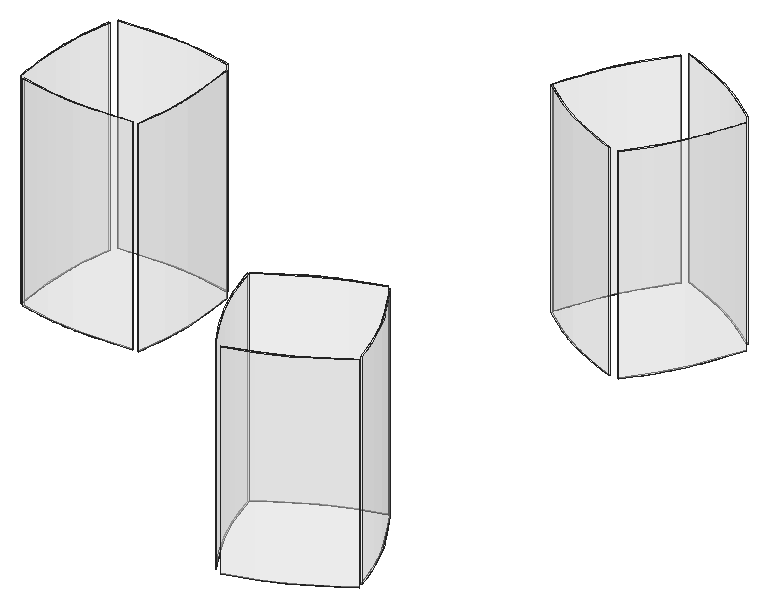
Revit family "SH-1723", category Lighting Fixtures, host Face, Revit 2017
Family settings
  Host = Face
  Round Connector Dimension = Use Diameter
  Part Type = Normal
  Cut with Voids When Loaded = No
  Light Source = No
  Shared = No
  Room Calculation Point = No
Parameters (values of type "SH-1723(Black color-3000K-E27)")
  website = "www.shoaco.com"
  instalation = "Surface mounted"
  consumption current = 0.18 A
  color temperature = "3000K"
  color rendering index(CRI) = ""
  Wattage. = 27 W
  Voltage/Frequency = "230v/50hz"
  URL = "https://www.shoaco.com/fa/product/%DA%86%D8%B1%D8%A7%D8%BA-%D9%87%D8%A7%DB%8C-%D8%AD%DB%8C%D8%A7%D8%B7%DB%8C/1125-%DA%86%D8%B1%D8%A7%D8%BA-%D8%AD%DB%8C%D8%A7%D8%B7%DB%8C-%D9%85%D8%AF%D9%84-SH-1723.html"
  Type medule = ""
  Protection Class = "Class I"
  Number of Lamps = "3"
  Model = "SH-1723"
  Manufacturer = "SHOA"
  Lamp = "E27"
  IP = "IPX3"
  Height = 280.5 cm
  Flicker = ""
  Diffuser Material = "Acrylic"
  Diffuser [instance] = Diffuser
  Default Elevation = 121.92 cm
  Body color = Black Body
  Body Material = "Aluminum"
Reference planes (cm)
  plane 1 "Center (Front/Back)": y = 0
  plane 2: z = 0
  plane 3 "Center (Left/Right)": x = 0
  plane 4: z = 0
  plane 5: z = 280.5
Dimensions and locks (cm)
  "Height": plane 5 to host face
  aligned and locked: plane 2 to host face
  aligned and locked: level to host face
Automatic sketch dimensions
  host sketch curve to host sketch curve = 243.84 cm  (x2)
Nested families (cm)
  nested 1: "1723" at (0.1121, 0.9763, 0), Body color <- "Body color", Diffuser <- "Diffuser", type "1723"
    with Diffuser Diffuser, Body color Black Body
  nested 2: "E27" at (13.3252, -22.5379, 116.4933), type "E27"
  nested 3: "E27" at (9.6723, 23.3863, 116.4933), type "E27"
  nested 4: "E27" at (-25.4348, 1.0809, 116.4933), type "E27"
Connectors (cm)
  electrical at (0.1121, 0.9763, 257)
    settings: on nested 1, index 1, voltage 230 V, apparent load 0 VA, apparent load phase1 0 VA, apparent load phase2 0 VA, apparent load phase3 0 VA, power factor 1, load classification "Other", number of poles 1, system type 31, power factor state 1, is connector primary yes, connector utility no, sub classification motor no, connector description ""
Definition of nested family "1723"
  Parameters (values of type "Family2")
    Diffuser [instance] = none
    Body color [instance] = none
  Reference planes (cm)
    plane 1 "Center (Front/Back)": y = 0
    plane 2: z = 0
    plane 3 "Center (Left/Right)": x = 0
  Forms (cm)
    Extrusion 1, solid, material <- "Diffuser"
      sketch origin (-0.0448, 0, 199.9388) x (1, 0, 0) y (0, 1, 0)
        loop
          line (-30.0396, 6.1202) -> (-30.0256, 6.0067)
          spline (-30.0256, 6.0067) -> (-29.0329, 6.1271) -> (-28.1226, 6.2284) -> (-27.183, 6.3159) -> (-26.2146, 6.387) -> (-25.3114, 6.433) -> (-24.5529, 6.4474) -> (-23.9147, 6.4383) -> (-23.3344, 6.4191) -> (-22.7361, 6.3917) -> (-22.0162, 6.3346) -> (-20.9302, 6.2016) -> (-18.9646, 5.9048)
          line (-18.9646, 5.9048) -> (-18.9646, 6.0565)
          spline (-18.9646, 6.0565) -> (-19.8757, 6.2112) -> (-20.8415, 6.3404) -> (-21.7423, 6.4421) -> (-22.4796, 6.515) -> (-23.0833, 6.5621) -> (-23.6317, 6.5876) -> (-24.2029, 6.5962) -> (-24.8749, 6.5917) -> (-25.7226, 6.5645) -> (-26.818, 6.4922) -> (-28.2331, 6.3518) -> (-30.0396, 6.1202)
      from 36.9072 to 57.5072
    Extrusion 2, solid, material <- "Diffuser"
      sketch origin (-24.4775, -24.8864, 199.9388) x (0, -1, 0) y (1, 0, 0)
        loop
          line (-30.0396, 6.1202) -> (-30.0256, 6.0067)
          spline (-30.0256, 6.0067) -> (-29.0329, 6.1271) -> (-28.1226, 6.2284) -> (-27.183, 6.3159) -> (-26.2146, 6.387) -> (-25.3114, 6.433) -> (-24.5529, 6.4474) -> (-23.9147, 6.4383) -> (-23.3344, 6.4191) -> (-22.7361, 6.3917) -> (-22.0162, 6.3346) -> (-20.9302, 6.2016) -> (-18.9646, 5.9048)
          line (-18.9646, 5.9048) -> (-18.9646, 6.0565)
          spline (-18.9646, 6.0565) -> (-19.8757, 6.2112) -> (-20.8415, 6.3404) -> (-21.7423, 6.4421) -> (-22.4796, 6.515) -> (-23.0833, 6.5621) -> (-23.6317, 6.5876) -> (-24.2029, 6.5962) -> (-24.8749, 6.5917) -> (-25.7226, 6.5645) -> (-26.818, 6.4922) -> (-28.2331, 6.3518) -> (-30.0396, 6.1202)
      from 36.9072 to 57.5072
    Extrusion 3, solid, material <- "Diffuser"
      sketch origin (-24.4423, 24.3355, 199.9388) x (0, 1, 0) y (-1, 0, 0)
        loop
          line (-30.0396, 6.1202) -> (-30.0256, 6.0067)
          spline (-30.0256, 6.0067) -> (-29.0329, 6.1271) -> (-28.1226, 6.2284) -> (-27.183, 6.3159) -> (-26.2146, 6.387) -> (-25.3114, 6.433) -> (-24.5529, 6.4474) -> (-23.9147, 6.4383) -> (-23.3344, 6.4191) -> (-22.7361, 6.3917) -> (-22.0162, 6.3346) -> (-20.9302, 6.2016) -> (-18.9646, 5.9048)
          line (-18.9646, 5.9048) -> (-18.9646, 6.0565)
          spline (-18.9646, 6.0565) -> (-19.8757, 6.2112) -> (-20.8415, 6.3404) -> (-21.7423, 6.4421) -> (-22.4796, 6.515) -> (-23.0833, 6.5621) -> (-23.6317, 6.5876) -> (-24.2029, 6.5962) -> (-24.8749, 6.5917) -> (-25.7226, 6.5645) -> (-26.818, 6.4922) -> (-28.2331, 6.3518) -> (-30.0396, 6.1202)
      from 36.9072 to 57.5072
    Extrusion 4, solid, material <- "Diffuser"
      sketch origin (-49.0658, 0.1316, 199.9388) x (-1, 0, 0) y (0, -1, 0)
        loop
          line (-30.0396, 6.1202) -> (-30.0256, 6.0067)
          spline (-30.0256, 6.0067) -> (-29.0329, 6.1271) -> (-28.1226, 6.2284) -> (-27.183, 6.3159) -> (-26.2146, 6.387) -> (-25.3114, 6.433) -> (-24.5529, 6.4474) -> (-23.9147, 6.4383) -> (-23.3344, 6.4191) -> (-22.7361, 6.3917) -> (-22.0162, 6.3346) -> (-20.9302, 6.2016) -> (-18.9646, 5.9048)
          line (-18.9646, 5.9048) -> (-18.9646, 6.0565)
          spline (-18.9646, 6.0565) -> (-19.8757, 6.2112) -> (-20.8415, 6.3404) -> (-21.7423, 6.4421) -> (-22.4796, 6.515) -> (-23.0833, 6.5621) -> (-23.6317, 6.5876) -> (-24.2029, 6.5962) -> (-24.8749, 6.5917) -> (-25.7226, 6.5645) -> (-26.818, 6.4922) -> (-28.2331, 6.3518) -> (-30.0396, 6.1202)
      from 36.9072 to 57.5072
    Extrusion 5, solid, material <- "Diffuser"
      sketch origin (32.4843, 11.0583, 199.9388) x (0.894133, -0.447802, 0) y (0.447802, 0.894133, 0)
        loop
          line (-30.0396, 6.1202) -> (-30.0256, 6.0067)
          spline (-30.0256, 6.0067) -> (-29.0329, 6.1271) -> (-28.1226, 6.2284) -> (-27.183, 6.3159) -> (-26.2146, 6.387) -> (-25.3114, 6.433) -> (-24.5529, 6.4474) -> (-23.9147, 6.4383) -> (-23.3344, 6.4191) -> (-22.7361, 6.3917) -> (-22.0162, 6.3346) -> (-20.9302, 6.2016) -> (-18.9646, 5.9048)
          line (-18.9646, 5.9048) -> (-18.9646, 6.0565)
          spline (-18.9646, 6.0565) -> (-19.8757, 6.2112) -> (-20.8415, 6.3404) -> (-21.7423, 6.4421) -> (-22.4796, 6.515) -> (-23.0833, 6.5621) -> (-23.6317, 6.5876) -> (-24.2029, 6.5962) -> (-24.8749, 6.5917) -> (-25.7226, 6.5645) -> (-26.818, 6.4922) -> (-28.2331, 6.3518) -> (-30.0396, 6.1202)
      from 36.9072 to 57.5072
    Extrusion 6, solid, material <- "Diffuser"
      sketch origin (-0.0953, -0.0349, 199.9388) x (-0.447802, -0.894133, 0) y (0.894133, -0.447802, 0)
        loop
          line (-30.0396, 6.1202) -> (-30.0256, 6.0067)
          spline (-30.0256, 6.0067) -> (-29.0329, 6.1271) -> (-28.1226, 6.2284) -> (-27.183, 6.3159) -> (-26.2146, 6.387) -> (-25.3114, 6.433) -> (-24.5529, 6.4474) -> (-23.9147, 6.4383) -> (-23.3344, 6.4191) -> (-22.7361, 6.3917) -> (-22.0162, 6.3346) -> (-20.9302, 6.2016) -> (-18.9646, 5.9048)
          line (-18.9646, 5.9048) -> (-18.9646, 6.0565)
          spline (-18.9646, 6.0565) -> (-19.8757, 6.2112) -> (-20.8415, 6.3404) -> (-21.7423, 6.4421) -> (-22.4796, 6.515) -> (-23.0833, 6.5621) -> (-23.6317, 6.5876) -> (-24.2029, 6.5962) -> (-24.8749, 6.5917) -> (-25.7226, 6.5645) -> (-26.818, 6.4922) -> (-28.2331, 6.3518) -> (-30.0396, 6.1202)
      from 36.9072 to 57.5072
    Extrusion 7, solid, material <- "Diffuser"
      sketch origin (21.8318, 43.646, 199.9388) x (0.447802, 0.894133, 0) y (-0.894133, 0.447802, 0)
        loop
          line (-30.0396, 6.1202) -> (-30.0256, 6.0067)
          spline (-30.0256, 6.0067) -> (-29.0329, 6.1271) -> (-28.1226, 6.2284) -> (-27.183, 6.3159) -> (-26.2146, 6.387) -> (-25.3114, 6.433) -> (-24.5529, 6.4474) -> (-23.9147, 6.4383) -> (-23.3344, 6.4191) -> (-22.7361, 6.3917) -> (-22.0162, 6.3346) -> (-20.9302, 6.2016) -> (-18.9646, 5.9048)
          line (-18.9646, 5.9048) -> (-18.9646, 6.0565)
          spline (-18.9646, 6.0565) -> (-19.8757, 6.2112) -> (-20.8415, 6.3404) -> (-21.7423, 6.4421) -> (-22.4796, 6.515) -> (-23.0833, 6.5621) -> (-23.6317, 6.5876) -> (-24.2029, 6.5962) -> (-24.8749, 6.5917) -> (-25.7226, 6.5645) -> (-26.818, 6.4922) -> (-28.2331, 6.3518) -> (-30.0396, 6.1202)
      from 36.9072 to 57.5072
    Extrusion 8, solid, material <- "Diffuser"
      sketch origin (-11.288, 33.1278, 199.9388) x (-0.894133, 0.447802, 0) y (-0.447802, -0.894133, 0)
        loop
          line (-30.0396, 6.1202) -> (-30.0256, 6.0067)
          spline (-30.0256, 6.0067) -> (-29.0329, 6.1271) -> (-28.1226, 6.2284) -> (-27.183, 6.3159) -> (-26.2146, 6.387) -> (-25.3114, 6.433) -> (-24.5529, 6.4474) -> (-23.9147, 6.4383) -> (-23.3344, 6.4191) -> (-22.7361, 6.3917) -> (-22.0162, 6.3346) -> (-20.9302, 6.2016) -> (-18.9646, 5.9048)
          line (-18.9646, 5.9048) -> (-18.9646, 6.0565)
          spline (-18.9646, 6.0565) -> (-19.8757, 6.2112) -> (-20.8415, 6.3404) -> (-21.7423, 6.4421) -> (-22.4796, 6.515) -> (-23.0833, 6.5621) -> (-23.6317, 6.5876) -> (-24.2029, 6.5962) -> (-24.8749, 6.5917) -> (-25.7226, 6.5645) -> (-26.818, 6.4922) -> (-28.2331, 6.3518) -> (-30.0396, 6.1202)
      from 36.9072 to 57.5072
    Extrusion 9, solid, material <- "Diffuser"
      sketch origin (0.3393, 0.3964, 199.9388) x (-0.4378, 0.899073, 0) y (-0.899073, -0.4378, 0)
        loop
          line (-30.1325, 6.1207) -> (-30.1186, 6.0075)
          spline (-30.1186, 6.0075) -> (-29.1162, 6.1291) -> (-28.197, 6.2315) -> (-27.2482, 6.3198) -> (-26.2703, 6.3916) -> (-25.3583, 6.4381) -> (-24.5923, 6.4526) -> (-23.9479, 6.4433) -> (-23.3619, 6.424) -> (-22.7577, 6.3964) -> (-22.0308, 6.3386) -> (-20.9342, 6.2044) -> (-18.9494, 5.9047)
          line (-18.9494, 5.9047) -> (-18.9494, 6.0564)
          spline (-18.9494, 6.0564) -> (-19.8694, 6.2127) -> (-20.8446, 6.3431) -> (-21.7542, 6.4458) -> (-22.4987, 6.5194) -> (-23.1083, 6.5669) -> (-23.6621, 6.5927) -> (-24.2388, 6.6014) -> (-24.9173, 6.5969) -> (-25.7733, 6.5694) -> (-26.8795, 6.4964) -> (-28.3084, 6.3546) -> (-30.1325, 6.1207)
      from 36.9072 to 57.5072
    Extrusion 10, solid, material <- "Diffuser"
      sketch origin (-10.7316, -33.2032, 199.9388) x (-0.886057, -0.463576, 0) y (0.463576, -0.886057, 0)
        loop
          line (-30.1325, 6.1207) -> (-30.1186, 6.0075)
          spline (-30.1186, 6.0075) -> (-29.1162, 6.1291) -> (-28.197, 6.2315) -> (-27.2482, 6.3198) -> (-26.2703, 6.3916) -> (-25.3583, 6.4381) -> (-24.5923, 6.4526) -> (-23.9479, 6.4433) -> (-23.3619, 6.424) -> (-22.7577, 6.3964) -> (-22.0308, 6.3386) -> (-20.9342, 6.2044) -> (-18.9494, 5.9047)
          line (-18.9494, 5.9047) -> (-18.9494, 6.0564)
          spline (-18.9494, 6.0564) -> (-19.8694, 6.2127) -> (-20.8446, 6.3431) -> (-21.7542, 6.4458) -> (-22.4987, 6.5194) -> (-23.1083, 6.5669) -> (-23.6621, 6.5927) -> (-24.2388, 6.6014) -> (-24.9173, 6.5969) -> (-25.7733, 6.5694) -> (-26.8795, 6.4964) -> (-28.3084, 6.3546) -> (-30.1325, 6.1207)
      from 36.9072 to 57.5072
    Extrusion 11, solid, material <- "Diffuser"
      sketch origin (22.057, -43.6781, 199.9388) x (0.463576, -0.886057, 0) y (0.886057, 0.463576, 0)
        loop
          line (-30.1325, 6.1207) -> (-30.1186, 6.0075)
          spline (-30.1186, 6.0075) -> (-29.1162, 6.1291) -> (-28.197, 6.2315) -> (-27.2482, 6.3198) -> (-26.2703, 6.3916) -> (-25.3583, 6.4381) -> (-24.5923, 6.4526) -> (-23.9479, 6.4433) -> (-23.3619, 6.424) -> (-22.7577, 6.3964) -> (-22.0308, 6.3386) -> (-20.9342, 6.2044) -> (-18.9494, 5.9047)
          line (-18.9494, 5.9047) -> (-18.9494, 6.0564)
          spline (-18.9494, 6.0564) -> (-19.8694, 6.2127) -> (-20.8446, 6.3431) -> (-21.7542, 6.4458) -> (-22.4987, 6.5194) -> (-23.1083, 6.5669) -> (-23.6621, 6.5927) -> (-24.2388, 6.6014) -> (-24.9173, 6.5969) -> (-25.7733, 6.5694) -> (-26.8795, 6.4964) -> (-28.3084, 6.3546) -> (-30.1325, 6.1207)
      from 36.9072 to 57.5072
    Extrusion 12, solid, material <- "Diffuser"
      sketch origin (32.7964, -10.5403, 199.9388) x (0.886057, 0.463576, 0) y (-0.463576, 0.886057, 0)
        loop
          line (-30.1325, 6.1207) -> (-30.1186, 6.0075)
          spline (-30.1186, 6.0075) -> (-29.1162, 6.1291) -> (-28.197, 6.2315) -> (-27.2482, 6.3198) -> (-26.2703, 6.3916) -> (-25.3583, 6.4381) -> (-24.5923, 6.4526) -> (-23.9479, 6.4433) -> (-23.3619, 6.424) -> (-22.7577, 6.3964) -> (-22.0308, 6.3386) -> (-20.9342, 6.2044) -> (-18.9494, 5.9047)
          line (-18.9494, 5.9047) -> (-18.9494, 6.0564)
          spline (-18.9494, 6.0564) -> (-19.8694, 6.2127) -> (-20.8446, 6.3431) -> (-21.7542, 6.4458) -> (-22.4987, 6.5194) -> (-23.1083, 6.5669) -> (-23.6621, 6.5927) -> (-24.2388, 6.6014) -> (-24.9173, 6.5969) -> (-25.7733, 6.5694) -> (-26.8795, 6.4964) -> (-28.3084, 6.3546) -> (-30.1325, 6.1207)
      from 36.9072 to 57.5072
  Cuts and joins
    joined: Extrusion 1, Extrusion 2, Extrusion 3, Extrusion 4, Extrusion 5, Extrusion 6, Extrusion 7, Extrusion 8, Extrusion 9, Extrusion 10, Extrusion 11, Extrusion 12
  Dimensions and locks (cm)
    aligned and locked: plane 2 to level
Definition of nested family "E27"
  Parameters (values of type "E27")
    Wattage = 9 W
    built-in parameter 1150110 = 1 (stored number, unit not read)
    built-in parameter 1114217 = 1 (stored number, unit not read)
    Tilt Angle = 90.00°
    built-in parameter 1150109 = 1 (stored number, unit not read)
    built-in parameter 1150134 = (empty or 0)
    built-in parameter 1150113 = 1 (stored number, unit not read)
    Photometric Web File = "4376_V-TAC7WLEDBulbE27A60Thermoplastic3000K_1-5117.ies"
    Lumens = 630 lm
    built-in parameter 1150115 = 1 (stored number, unit not read)
    built-in parameter 1150105 = 50.134 (stored number, unit not read)
    built-in parameter 1150137 = (empty or 0)
    built-in parameter 1150139 = (empty or 0)
    built-in parameter 1150112 = 1 (stored number, unit not read)
    built-in parameter 1150114 = 1 (stored number, unit not read)
    built-in parameter 1150132 = (empty or 0)
    built-in parameter 1150102 = (empty or 0)
    built-in parameter 1150138 = (empty or 0)
    built-in parameter 1150107 = 3000 (stored number, unit not read)
    built-in parameter 1150106 = 0.50134 (stored number, unit not read)
    Emit from Circle Diameter = 60.96 cm
    Emit Shape Visible in Rendering = no
    built-in parameter 1150104 = 6.5032 (stored number, unit not read)
    Dimming Lamp Color Temperature Shift = (empty or 0)
    Color Filter = 16777215
    built-in parameter 1114218 = 1 (stored number, unit not read)
    built-in parameter 1150133 = 10 (stored number, unit not read)
  Reference planes (cm)
    plane 1 "Light Source Axis (F/B)": y = 0
    plane 2: z = 0
    plane 3 "Light Source Axis (L/R)": x = 0
    plane 4 "Light Source Elevation": z = 137.16
  Dimensions and locks (cm)
    aligned and locked: plane 3 "Light Source Axis (L/R)" to imposter light
    aligned and locked: plane 1 "Light Source Axis (F/B)" to imposter light
    aligned and locked: plane 4 "Light Source Elevation" to imposter light
    aligned and locked: level to plane 2
